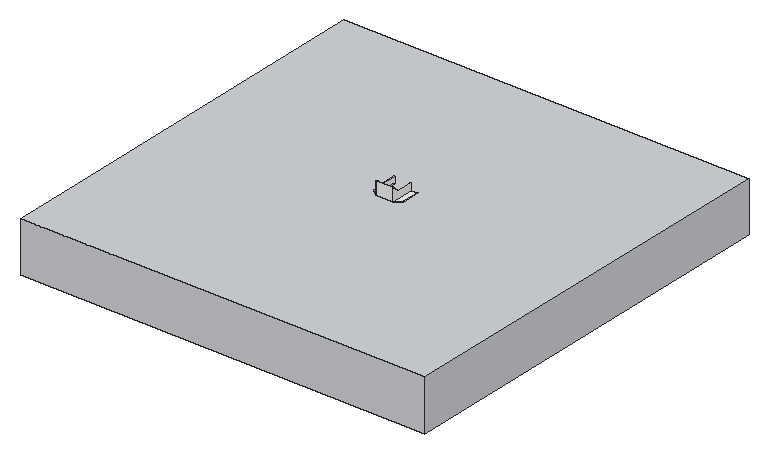
Revit family "JOMA_Balksko kombi_Grundform 380", category Structural Connections, host Face, Revit 2012
Parameters (values of type "5210140  100x140")
  Y = 101 mm
  X = 37 mm
  Vikt = "0,43"
  Typ = "GRUNDFORM 380"
  Spikmönster 2 [instance] = no
  Spikmönster 1 [instance] = no
  Spik/skruv i sekundär [instance] = "ANKARSPIK 4,0x40"
  Spik/skruv i primär [instance] = "ANKARSPIK 4,0x50"
  Material = Varmförzinkad stålplåt
  Länk Joma Dimensioneringsverktyg = "http://www.joma.se/dimensioneringsverktyg"
  Grundform 380 = yes
  F = 78 mm
  E = 42 mm
  Default Elevation = 1219.2 mm
  D = 40 mm
  Bultplacering 2 [instance] = no
  Bultplacering 1 [instance] = no
  Bult [instance] = "BULT M10"
  B = 140 mm
  Antal spik/skruv i sekundär [instance] = if(and(Spikmönster 1, Grundform 380), 6, if(and(Spikmönster 2, Grundform 380), 3, if(and(Bultplacering 1, Grundform 380), 6, if(and(Bultplacering 2, Grundform 380), 6, 0))))  # 0
  Antal spik/skruv i primär [instance] = if(and(Spikmönster 1, Grundform 380), 11, if(and(Spikmönster 2, Grundform 380), 6, if(and(Bultplacering 1, Grundform 380), 1, if(and(Bultplacering 2, Grundform 380), 2, 0))))  # 0
  A = 100 mm
  380 Spikmönster 2 [instance] = and(Grundform 380, Spikmönster 2, not(or(Spikmönster 1, Bultplacering 1, Bultplacering 2)))  # no
  380 Spikmönster 1 [instance] = and(Grundform 380, Spikmönster 1, not(or(Spikmönster 2, Bultplacering 1, Bultplacering 2)))  # no
  380 Bultplacering 2 [instance] = and(Grundform 380, Bultplacering 2, not(or(Spikmönster 1, Spikmönster 2, Bultplacering 1)))  # no
  380 Bultplacering 1 [instance] = and(Grundform 380, Bultplacering 1, not(or(Spikmönster 1, Spikmönster 2, Bultplacering 2)))  # no
Types (9, lengths in mm): name | X | B | A
  5245168  45x168 | 38 | 168 | 45
  5251164  51x164 | 38 | 164 | 51
  5270155  70x155 | 38 | 155 | 70
  5280150  80x150 | 38 | 150 | 80
  5290145  90x145 | 38 | 145 | 90
  5210140  100x140 | 37 | 140 | 100
  5260160  60x160 | 38 | 160 | 60
  5248166  48x166 | 38 | 166 | 48
  5276152  76x152 | 38 | 152 | 76
Reference planes
  plane 1 "Center (Front/Back)": y = 0
  plane 2: z = 0
  plane 3 "Center (Left/Right)": x = 0
  plane 4: x = -50
  plane 5: x = 50
  plane 6: y = -2
  plane 7: x = -52
  plane 8: x = 52
  plane 9: y = 138
  plane 10: z = 2
  plane 11: z = 80
  plane 12: y = 0
  plane 13: y = 37
  plane 14: x = 90
  plane 15: x = -90
  plane 16: z = 42
Forms (mm)
  Extrusion 1, solid
    sketch origin (0, 0, 0) x (1, 0, 0) y (0, 1, 0)
      loop
        line (-1219.2, 1219.2) -> (-1219.2, -1219.2) -> (1219.2, -1219.2) -> (1219.2, 1219.2) -> (-1219.2, 1219.2)
    from 0 to -304.8
  Extrusion 2, solid, material "Varmförzinkad stålplåt" <- "Material"
    sketch origin (0, 0, 0) x (1, 0, 0) y (0, 1, 0)
      loop
        line (-50, 138) -> (-52, 138) -> (-52, 0)
        arc (-52, 0) -> (-51.414, -1.414) -> (-50, -2) r 2
        line (-50, -2) -> (50.004, -2)
        arc (50.004, -2) -> (51.415, -1.415) -> (52, -0.004) r 1.996
        line (52, -0.004) -> (52, 138) -> (50, 138) -> (50, 0) -> (-50, 0) -> (-50, 138)
    from 2 to 80
  Extrusion 3, solid, material "Varmförzinkad stålplåt" <- "Material"
    sketch origin (0, 0, 0) x (1, 0, 0) y (0, 1, 0)
      loop
        line (50, 138) -> (50, 0) -> (90, 0) -> (90, 138) -> (50, 138)
    from 0 to 2
  Extrusion 4, void
    sketch origin (0, 0, 0) x (1, 0, 0) y (0, 1, 0)
      loop
        line (52, 0) -> (90, 0) -> (90, 37) -> (52, 0)
    from 0 to 2
  Extrusion 5, solid, material "Varmförzinkad stålplåt" <- "Material"
    sketch origin (0, 0, 0) x (-1, 0, 0) y (0, -1, 0)
      loop
        line (50, -138) -> (90, -138) -> (90, 0) -> (50, 0) -> (50, -138)
    from 0 to 2
  Extrusion 6, void
    sketch origin (0, 0, 0) x (1, 0, 0) y (0, 1, 0)
      loop
        line (-52, 0) -> (-90, 37) -> (-90, 0) -> (-52, 0)
    from 0 to 250
  Extrusion 7, void
    sketch origin (0, 0, 0) x (0, 1, 0) y (0, 0, 1)
      loop
        line (138, 80) -> (0, 80) -> (37, 42) -> (138, 42) -> (138, 80)
    from -52 to 52
  Extrusion 8, void
    sketch origin (0, 0, 0) x (1, 0, 0) y (0, 0, 1)
      loop
        arc (52, 0) -> (50.586, 0.586) -> (50, 2) r 2
        line (50, 2) -> (50, 0) -> (52, 0)
    from -138 to 0
  Extrusion 9, void
    sketch origin (0, 0, 0) x (1, 0, 0) y (0, 0, 1)
      loop
        arc (-50, 2) -> (-50.586, 0.586) -> (-52, 0) r 2
        line (-52, 0) -> (-50, 0) -> (-50, 2)
    from -138 to 0
Cuts and joins
  Extrusion 7 cuts Extrusion 2
  Extrusion 4, Extrusion 8 cuts Extrusion 3
  Extrusion 6, Extrusion 9 cuts Extrusion 5
  joined: Extrusion 2, Extrusion 3, Extrusion 5
Lines and regions (mm)
  symbolic lines, visible <- "Grundform 380"
    curve 1: circle (0, 130.5, 34) r 2.5 normal (1, 0, 0)
    curve 2: circle (0, 110.5, 34) r 2.5 normal (1, 0, 0)
    curve 3: circle (0, 90.5, 34) r 2.5 normal (1, 0, 0)
    curve 4: circle (0, 70.5, 34) r 2.5 normal (1, 0, 0)
    curve 5: circle (0, 50.5, 34) r 2.5 normal (1, 0, 0)
    curve 6: circle (0, 30.5, 34) r 2.5 normal (1, 0, 0)
    curve 13: circle (-62, 120.5, 0) r 2.5 normal (0, 0, 1)
    curve 14: circle (-82, 130.5, 0) r 2.5 normal (0, 0, 1)
    curve 15: circle (-62, 100.5, 0) r 2.5 normal (0, 0, 1)
    curve 16: circle (-82, 110.5, 0) r 2.5 normal (0, 0, 1)
    curve 17: circle (-62, 80.5, 0) r 2.5 normal (0, 0, 1)
    curve 18: circle (-82, 90.5, 0) r 2.5 normal (0, 0, 1)
    curve 19: circle (-62, 60.5, 0) r 2.5 normal (0, 0, 1)
    curve 20: circle (-82, 70.5, 0) r 2.5 normal (0, 0, 1)
    curve 21: circle (-62, 40.5, 0) r 2.5 normal (0, 0, 1)
    curve 22: circle (-82, 50.5, 0) r 2.5 normal (0, 0, 1)
    curve 23: circle (-62, 20.5, 0) r 2.5 normal (0, 0, 1)
    curve 24: circle (-70, 110.5, 0) r 5.5 normal (0, 0, 1)
    curve 25: circle (-70, 70.5, 0) r 5.5 normal (0, 0, 1)
    curve 26: circle (-70, 30.5, 0) r 5.5 normal (0, 0, 1)
    curve 41: circle (62, 120.5, 0) r 2.5 normal (0, 0, -1)
    curve 42: circle (82, 130.5, 0) r 2.5 normal (0, 0, -1)
    curve 43: circle (62, 100.5, 0) r 2.5 normal (0, 0, -1)
    curve 44: circle (82, 110.5, 0) r 2.5 normal (0, 0, -1)
    curve 45: circle (62, 80.5, 0) r 2.5 normal (0, 0, -1)
    curve 46: circle (82, 90.5, 0) r 2.5 normal (0, 0, -1)
    curve 47: circle (62, 60.5, 0) r 2.5 normal (0, 0, -1)
    curve 48: circle (82, 70.5, 0) r 2.5 normal (0, 0, -1)
    curve 49: circle (62, 40.5, 0) r 2.5 normal (0, 0, -1)
    curve 50: circle (82, 50.5, 0) r 2.5 normal (0, 0, -1)
    curve 51: circle (62, 20.5, 0) r 2.5 normal (0, 0, -1)
    curve 52: circle (70, 110.5, 0) r 5.5 normal (0, 0, -1)
    curve 53: circle (70, 70.5, 0) r 5.5 normal (0, 0, -1)
    curve 54: circle (70, 30.5, 0) r 5.5 normal (0, 0, -1)
  symbolic lines, visible <- "Grundform 380", not visible
    curve 7: circle (0, 158.5, 34) r 2.5 normal (1, 0, 0)
    curve 8: circle (0, 138.5, 34) r 2.5 normal (1, 0, 0)
    curve 9: circle (0, 118.5, 34) r 2.5 normal (1, 0, 0)
    curve 10: circle (0, 98.5, 34) r 2.5 normal (1, 0, 0)
    curve 11: circle (0, 78.5, 34) r 2.5 normal (1, 0, 0)
    curve 12: circle (0, 58.5, 34) r 2.5 normal (1, 0, 0)
    curve 27: circle (-34.5, 148.5, 0) r 2.5 normal (0, 0, 1)
    curve 28: circle (-54.5, 158.5, 0) r 2.5 normal (0, 0, 1)
    curve 29: circle (-34.5, 128.5, 0) r 2.5 normal (0, 0, 1)
    curve 30: circle (-54.5, 138.5, 0) r 2.5 normal (0, 0, 1)
    curve 31: circle (-34.5, 108.5, 0) r 2.5 normal (0, 0, 1)
    curve 32: circle (-54.5, 118.5, 0) r 2.5 normal (0, 0, 1)
    curve 33: circle (-34.5, 88.5, 0) r 2.5 normal (0, 0, 1)
    curve 34: circle (-54.5, 98.5, 0) r 2.5 normal (0, 0, 1)
    curve 35: circle (-34.5, 68.5, 0) r 2.5 normal (0, 0, 1)
    curve 36: circle (-54.5, 78.5, 0) r 2.5 normal (0, 0, 1)
    curve 37: circle (-34.5, 48.5, 0) r 2.5 normal (0, 0, 1)
    curve 38: circle (-42.5, 138.5, 0) r 5.5 normal (0, 0, 1)
    curve 39: circle (-42.5, 98.5, 0) r 5.5 normal (0, 0, 1)
    curve 40: circle (-42.5, 58.5, 0) r 5.5 normal (0, 0, 1)
    curve 55: circle (1189.5, 148.5, 0) r 2.5 normal (0, 0, -1)
    curve 56: circle (1209.5, 158.5, 0) r 2.5 normal (0, 0, -1)
    curve 57: circle (1189.5, 128.5, 0) r 2.5 normal (0, 0, -1)
    curve 58: circle (1209.5, 138.5, 0) r 2.5 normal (0, 0, -1)
    curve 59: circle (1189.5, 108.5, 0) r 2.5 normal (0, 0, -1)
    curve 60: circle (1209.5, 118.5, 0) r 2.5 normal (0, 0, -1)
    curve 61: circle (1189.5, 88.5, 0) r 2.5 normal (0, 0, -1)
    curve 62: circle (1209.5, 98.5, 0) r 2.5 normal (0, 0, -1)
    curve 63: circle (1189.5, 68.5, 0) r 2.5 normal (0, 0, -1)
    curve 64: circle (1209.5, 78.5, 0) r 2.5 normal (0, 0, -1)
    curve 65: circle (1189.5, 48.5, 0) r 2.5 normal (0, 0, -1)
    curve 66: circle (1197.5, 138.5, 0) r 5.5 normal (0, 0, -1)
    curve 67: circle (1197.5, 98.5, 0) r 5.5 normal (0, 0, -1)
    curve 68: circle (1197.5, 58.5, 0) r 5.5 normal (0, 0, -1)
Text (mm)
  text "Primärbalk" at (328.941, 539.253, 0), in view "Ref. Level"
  text "Sekundärbalk" at (0, -172.393, 341.357), in view "Left"
Dimensions and locks
  equal spacing: plane 4, plane 3 "Center (Left/Right)", plane 5
  "A": plane 4 to plane 5
  "B": plane 9 to plane 6
  plane 7 to plane 4 = 2 mm
  plane 5 to plane 8 = 2 mm
  plane 1 "Center (Front/Back)" to plane 6 = 2 mm
  plane 10 to Extrusion 1 = 2 mm
  "F": plane 11 to plane 10
  "Y": plane 9 to plane 13
  "X": plane 12 to plane 13
  "D": plane 5 to plane 14
  "D": plane 15 to plane 4
  "E": plane 16 to Extrusion 1
  locked: plane 9 to curve 1 at 7.5
  locked: plane 16 to curve 1 at 8
  locked: curve 42 to plane 14 at 8
  locked: plane 9 to curve 42 at 7.5
  locked: plane 9 to curve 14 at 7.5
  locked: plane 15 to curve 14 at 8
  aligned and locked: plane 2 to Extrusion 1
  aligned and locked: level to Extrusion 1
  aligned and locked: Extrusion 2 to plane 7
  aligned and locked: plane 9 to Extrusion 2  (x2)
  aligned and locked: plane 8 to Extrusion 2
  aligned and locked: Extrusion 2 to plane 5
  aligned and locked: Extrusion 2 to plane 6
  aligned and locked: Extrusion 2 to plane 1 "Center (Front/Back)"
  aligned and locked: plane 4 to Extrusion 2
  aligned and locked: plane 11 to Extrusion 2
  aligned and locked: Extrusion 2 to Extrusion 7
  aligned and locked: Extrusion 7 to Extrusion 2
  aligned and locked: Extrusion 8 to plane 5
  aligned and locked: Extrusion 8 to level
  aligned and locked: plane 9 to Extrusion 8
  aligned and locked: plane 12 to Extrusion 8
  aligned and locked: Extrusion 5 to Extrusion 6
  aligned and locked: plane 9 to Extrusion 5
  aligned and locked: plane 4 to Extrusion 5
  aligned and locked: plane 12 to Extrusion 5
  aligned and locked: plane 15 to Extrusion 6
  aligned and locked: plane 12 to Extrusion 6
  aligned and locked: plane 4 to Extrusion 9
  aligned and locked: Extrusion 9 to level
  aligned and locked: Extrusion 8 to plane 2
  aligned and locked: plane 9 to Extrusion 9
  aligned and locked: plane 12 to Extrusion 9
Automatic sketch dimensions
  Extrusion 1 sketch curve to Extrusion 1 sketch curve = 2438.4 mm  (x2)
  curve 6 to curve 5 = 20 mm
  curve 5 to curve 4 = 20 mm
  curve 4 to curve 3 = 20 mm
  curve 3 to curve 2 = 20 mm
  curve 2 to curve 1 = 20 mm
  curve 3 to curve 2 = 0 mm
  curve 4 to curve 3 = 0 mm
  curve 5 to curve 4 = 0 mm
  curve 6 to curve 5 = 0 mm
  curve 2 to curve 1 = 0 mm
  curve 12 to curve 11 = 20 mm
  curve 11 to curve 10 = 20 mm
  curve 10 to curve 9 = 20 mm
  curve 9 to curve 8 = 20 mm
  curve 8 to curve 7 = 20 mm
  curve 9 to curve 8 = 0 mm
  curve 10 to curve 9 = 0 mm
  curve 11 to curve 10 = 0 mm
  curve 12 to curve 11 = 0 mm
  curve 8 to curve 7 = 0 mm
  curve 22 to curve 14 = 0 mm
  curve 16 to curve 14 = 0 mm
  curve 18 to curve 16 = 0 mm
  curve 20 to curve 18 = 0 mm
  curve 16 to curve 24 = 12 mm
  curve 20 to curve 25 = 12 mm
  curve 22 to curve 26 = 12 mm
  curve 25 to curve 19 = 8 mm
  curve 26 to curve 23 = 8 mm
  curve 25 to curve 17 = 8 mm
  curve 24 to curve 15 = 8 mm
  curve 24 to curve 13 = 8 mm
  curve 26 to curve 21 = 8 mm
  curve 23 to curve 26 = 10 mm
  curve 26 to curve 21 = 10 mm
  curve 21 to curve 22 = 10 mm
  curve 21 to curve 19 = 20 mm
  curve 19 to curve 25 = 10 mm
  curve 20 to curve 25 = 0 mm
  curve 25 to curve 17 = 10 mm
  curve 20 to curve 18 = 20 mm
  curve 17 to curve 15 = 20 mm
  curve 18 to curve 16 = 20 mm
  curve 16 to curve 24 = 0 mm
  curve 24 to curve 13 = 10 mm
  curve 16 to curve 14 = 20 mm
  curve 36 to curve 28 = 0 mm
  curve 30 to curve 28 = 0 mm
  curve 32 to curve 30 = 0 mm
  curve 34 to curve 32 = 0 mm
  curve 30 to curve 38 = 12 mm
  curve 34 to curve 39 = 12 mm
  curve 36 to curve 40 = 12 mm
  curve 39 to curve 33 = 8 mm
  curve 40 to curve 37 = 8 mm
  curve 39 to curve 31 = 8 mm
  curve 38 to curve 29 = 8 mm
  curve 38 to curve 27 = 8 mm
  curve 40 to curve 35 = 8 mm
  curve 37 to curve 40 = 10 mm
  curve 40 to curve 35 = 10 mm
  curve 35 to curve 36 = 10 mm
  curve 35 to curve 33 = 20 mm
  curve 33 to curve 39 = 10 mm
  curve 34 to curve 39 = 0 mm
  curve 39 to curve 31 = 10 mm
  curve 34 to curve 32 = 20 mm
  curve 31 to curve 29 = 20 mm
  curve 32 to curve 30 = 20 mm
  curve 30 to curve 38 = 0 mm
  curve 38 to curve 27 = 10 mm
  curve 30 to curve 28 = 20 mm
  curve 50 to curve 42 = 80 mm
  curve 44 to curve 42 = 20 mm  (x2)
  curve 46 to curve 44 = 20 mm  (x2)
  curve 48 to curve 46 = 20 mm  (x2)
  curve 44 to curve 52 = 12 mm  (x2)
  curve 48 to curve 53 = 12 mm  (x2)
  curve 50 to curve 54 = 23.324 mm
  curve 53 to curve 47 = 12.806 mm
  curve 54 to curve 51 = 12.806 mm
  curve 53 to curve 45 = 12.806 mm  (x2)
  curve 52 to curve 43 = 12.806 mm
  curve 52 to curve 41 = 12.806 mm  (x2)
  curve 54 to curve 49 = 12.806 mm  (x2)
  curve 51 to curve 54 = 12.806 mm
  curve 49 to curve 50 = 22.361 mm
  curve 49 to curve 47 = 20 mm
  curve 47 to curve 53 = 12.806 mm
  curve 45 to curve 43 = 20 mm
  curve 64 to curve 56 = 80 mm
  curve 58 to curve 56 = 20 mm  (x2)
  curve 60 to curve 58 = 20 mm  (x2)
  curve 62 to curve 60 = 20 mm  (x2)
  curve 58 to curve 66 = 12 mm  (x2)
  curve 62 to curve 67 = 12 mm  (x2)
  curve 64 to curve 68 = 23.324 mm
  curve 67 to curve 61 = 12.806 mm
  curve 68 to curve 65 = 12.806 mm
  curve 67 to curve 59 = 12.806 mm  (x2)
  curve 66 to curve 57 = 12.806 mm
  curve 66 to curve 55 = 12.806 mm  (x2)
  curve 68 to curve 63 = 12.806 mm  (x2)
  curve 65 to curve 68 = 12.806 mm
  curve 63 to curve 64 = 22.361 mm
  curve 63 to curve 61 = 20 mm
  curve 61 to curve 67 = 12.806 mm
  curve 59 to curve 57 = 20 mm
  plane 1 "Center (Front/Back)" to Extrusion 2 sketch curve = 0 mm  (x2)
  Extrusion 2 sketch curve to plane 7 = 0 mm
  Extrusion 2 sketch curve to plane 4 = 0 mm  (x2)
  Extrusion 2 sketch curve to plane 5 = 0 mm
  Extrusion 2 sketch curve to plane 8 = 0 mm
  Extrusion 2 sketch curve to plane 9 = 0 mm  (x2)
  plane 5 to Extrusion 2 sketch curve = 0.004 mm
  Extrusion 3 sketch curve to plane 5 = 0 mm
  plane 12 to Extrusion 3 sketch curve = 0 mm
  Extrusion 3 sketch curve to plane 14 = 0 mm
  Extrusion 3 sketch curve to plane 9 = 0 mm
  Extrusion 4 sketch curve to plane 8 = 0 mm
  plane 12 to Extrusion 4 sketch curve = 0 mm
  Extrusion 4 sketch curve to plane 14 = 0 mm
  plane 13 to Extrusion 4 sketch curve = 0 mm
  Extrusion 5 sketch curve to plane 4 = 0 mm
  plane 12 to Extrusion 5 sketch curve = 0 mm
  Extrusion 5 sketch curve to plane 15 = 0 mm
  Extrusion 5 sketch curve to plane 9 = 0 mm
  plane 13 to Extrusion 6 sketch curve = 0 mm
  Extrusion 6 sketch curve to plane 15 = 0 mm
  Extrusion 6 sketch curve to plane 7 = 0 mm
  plane 12 to Extrusion 6 sketch curve = 0 mm
  Extrusion 7 sketch curve to plane 11 = 0 mm
  Extrusion 7 sketch curve to plane 12 = 0 mm
  Extrusion 7 sketch curve to plane 13 = 0 mm
  Extrusion 7 sketch curve to plane 9 = 0 mm
  Extrusion 7 sketch curve to plane 16 = 0 mm
  Extrusion 8 sketch curve to level = 0 mm
  Extrusion 8 sketch curve to plane 5 = 0 mm
  Extrusion 8 sketch curve to plane 8 = 0 mm
  Extrusion 9 sketch curve to plane 7 = 0 mm
  Extrusion 9 sketch curve to level = 0 mm
  Extrusion 9 sketch curve to plane 4 = 0 mm
  radius of curve 1 = 2.5 mm
  radius of curve 2 = 2.5 mm
  radius of curve 3 = 2.5 mm
  radius of curve 4 = 2.5 mm
  radius of curve 5 = 2.5 mm
  radius of curve 6 = 2.5 mm
  radius of curve 7 = 2.5 mm
  radius of curve 8 = 2.5 mm
  radius of curve 9 = 2.5 mm
  radius of curve 10 = 2.5 mm
  radius of curve 11 = 2.5 mm
  radius of curve 12 = 2.5 mm
  radius of curve 13 = 2.5 mm
  radius of curve 14 = 2.5 mm
  radius of curve 15 = 2.5 mm
  radius of curve 16 = 2.5 mm
  radius of curve 17 = 2.5 mm
  radius of curve 18 = 2.5 mm
  radius of curve 19 = 2.5 mm
  radius of curve 20 = 2.5 mm
  radius of curve 21 = 2.5 mm
  radius of curve 22 = 2.5 mm
  radius of curve 23 = 2.5 mm
  radius of curve 24 = 5.5 mm
  radius of curve 25 = 5.5 mm
  radius of curve 26 = 5.5 mm
  radius of curve 27 = 2.5 mm
  radius of curve 28 = 2.5 mm
  radius of curve 29 = 2.5 mm
  radius of curve 30 = 2.5 mm
  radius of curve 31 = 2.5 mm
  radius of curve 32 = 2.5 mm
  radius of curve 33 = 2.5 mm
  radius of curve 34 = 2.5 mm
  radius of curve 35 = 2.5 mm
  radius of curve 36 = 2.5 mm
  radius of curve 37 = 2.5 mm
  radius of curve 38 = 5.5 mm
  radius of curve 39 = 5.5 mm
  radius of curve 40 = 5.5 mm
  radius of curve 41 = 2.5 mm
  radius of curve 42 = 2.5 mm
  radius of curve 43 = 2.5 mm
  radius of curve 44 = 2.5 mm
  radius of curve 45 = 2.5 mm
  radius of curve 46 = 2.5 mm
  radius of curve 47 = 2.5 mm
  radius of curve 48 = 2.5 mm
  radius of curve 49 = 2.5 mm
  radius of curve 50 = 2.5 mm
  radius of curve 51 = 2.5 mm
  radius of curve 52 = 5.5 mm
  radius of curve 53 = 5.5 mm
  radius of curve 54 = 5.5 mm
  radius of curve 55 = 2.5 mm
  radius of curve 56 = 2.5 mm
  radius of curve 57 = 2.5 mm
  radius of curve 58 = 2.5 mm
  radius of curve 59 = 2.5 mm
  radius of curve 60 = 2.5 mm
  radius of curve 61 = 2.5 mm
  radius of curve 62 = 2.5 mm
  radius of curve 63 = 2.5 mm
  radius of curve 64 = 2.5 mm
  radius of curve 65 = 2.5 mm
  radius of curve 66 = 5.5 mm
  radius of curve 67 = 5.5 mm
  radius of curve 68 = 5.5 mm
Nested families
  nested 1: "Spikmönster" at (0, 130.5, 34) x (0, -1, 0) z (1, 0, 0), visible <- "380 Spikmönster 1", type "Ø5"
  nested 2: "Spikmönster" at (0, 110.5, 34) x (0, -1, 0) z (1, 0, 0), visible <- "380 Spikmönster 1", type "Ø5"
  nested 3: "Spikmönster" at (0, 90.5, 34) x (0, -1, 0) z (1, 0, 0), visible <- "380 Spikmönster 1", type "Ø5"
  nested 4: "Spikmönster" at (0, 70.5, 34) x (0, -1, 0) z (1, 0, 0), visible <- "380 Spikmönster 1", type "Ø5"
  nested 5: "Spikmönster" at (0, 50.5, 34) x (0, -1, 0) z (1, 0, 0), visible <- "380 Spikmönster 1", type "Ø5"
  nested 6: "Spikmönster" at (0, 30.5, 34) x (0, -1, 0) z (1, 0, 0), visible <- "380 Spikmönster 1", type "Ø5"
  nested 7: "Spikmönster" at (0, 130.5, 34) x (0, -1, 0) z (1, 0, 0), visible <- "380 Spikmönster 2", type "Ø5"
  nested 8: "Spikmönster" at (0, 90.5, 34) x (0, -1, 0) z (1, 0, 0), visible <- "380 Spikmönster 2", type "Ø5"
  nested 9: "Spikmönster" at (0, 50.5, 34) x (0, -1, 0) z (1, 0, 0), visible <- "380 Spikmönster 2", type "Ø5"
  nested 10: "Spikmönster" at (0, 130.5, 34) x (0, -1, 0) z (1, 0, 0), visible <- "380 Bultplacering 1", type "Ø5"
  nested 11: "Spikmönster" at (0, 110.5, 34) x (0, -1, 0) z (1, 0, 0), visible <- "380 Bultplacering 1", type "Ø5"
  nested 12: "Spikmönster" at (0, 90.5, 34) x (0, -1, 0) z (1, 0, 0), visible <- "380 Bultplacering 1", type "Ø5"
  nested 13: "Spikmönster" at (0, 70.5, 34) x (0, -1, 0) z (1, 0, 0), visible <- "380 Bultplacering 1", type "Ø5"
  nested 14: "Spikmönster" at (0, 50.5, 34) x (0, -1, 0) z (1, 0, 0), visible <- "380 Bultplacering 1", type "Ø5"
  nested 15: "Spikmönster" at (0, 30.5, 34) x (0, -1, 0) z (1, 0, 0), visible <- "380 Bultplacering 1", type "Ø5"
  nested 16: "Spikmönster" at (0, 130.5, 34) x (0, -1, 0) z (1, 0, 0), visible <- "380 Bultplacering 2", type "Ø5"
  nested 17: "Spikmönster" at (0, 110.5, 34) x (0, -1, 0) z (1, 0, 0), visible <- "380 Bultplacering 2", type "Ø5"
  nested 18: "Spikmönster" at (0, 90.5, 34) x (0, -1, 0) z (1, 0, 0), visible <- "380 Bultplacering 2", type "Ø5"
  nested 19: "Spikmönster" at (0, 70.5, 34) x (0, -1, 0) z (1, 0, 0), visible <- "380 Bultplacering 2", type "Ø5"
  nested 20: "Spikmönster" at (0, 50.5, 34) x (0, -1, 0) z (1, 0, 0), visible <- "380 Bultplacering 2", type "Ø5"
  nested 21: "Spikmönster" at (0, 30.5, 34) x (0, -1, 0) z (1, 0, 0), visible <- "380 Bultplacering 2", type "Ø5"
  nested 22: "Spikmönster" at (0, 158.5, 34) x (0, -1, 0) z (1, 0, 0), visible <- "380 Spikmönster 1", type "Ø5", not visible
  nested 23: "Spikmönster" at (0, 138.5, 34) x (0, -1, 0) z (1, 0, 0), visible <- "380 Spikmönster 1", type "Ø5", not visible
  nested 24: "Spikmönster" at (0, 118.5, 34) x (0, -1, 0) z (1, 0, 0), visible <- "380 Spikmönster 1", type "Ø5", not visible
  nested 25: "Spikmönster" at (0, 98.5, 34) x (0, -1, 0) z (1, 0, 0), visible <- "380 Spikmönster 1", type "Ø5", not visible
  nested 26: "Spikmönster" at (0, 78.5, 34) x (0, -1, 0) z (1, 0, 0), visible <- "380 Spikmönster 1", type "Ø5", not visible
  nested 27: "Spikmönster" at (0, 58.5, 34) x (0, -1, 0) z (1, 0, 0), visible <- "380 Spikmönster 1", type "Ø5", not visible
  nested 28: "Spikmönster" at (0, 158.5, 34) x (0, -1, 0) z (1, 0, 0), visible <- "380 Spikmönster 2", type "Ø5", not visible
  nested 29: "Spikmönster" at (0, 118.5, 34) x (0, -1, 0) z (1, 0, 0), visible <- "380 Spikmönster 2", type "Ø5", not visible
  nested 30: "Spikmönster" at (0, 78.5, 34) x (0, -1, 0) z (1, 0, 0), visible <- "380 Spikmönster 2", type "Ø5", not visible
  nested 31: "Spikmönster" at (0, 158.5, 34) x (0, -1, 0) z (1, 0, 0), visible <- "380 Bultplacering 1", type "Ø5", not visible
  nested 32: "Spikmönster" at (0, 138.5, 34) x (0, -1, 0) z (1, 0, 0), visible <- "380 Bultplacering 1", type "Ø5", not visible
  nested 33: "Spikmönster" at (0, 118.5, 34) x (0, -1, 0) z (1, 0, 0), visible <- "380 Bultplacering 1", type "Ø5", not visible
  nested 34: "Spikmönster" at (0, 98.5, 34) x (0, -1, 0) z (1, 0, 0), visible <- "380 Bultplacering 1", type "Ø5", not visible
  nested 35: "Spikmönster" at (0, 78.5, 34) x (0, -1, 0) z (1, 0, 0), visible <- "380 Bultplacering 1", type "Ø5", not visible
  nested 36: "Spikmönster" at (0, 58.5, 34) x (0, -1, 0) z (1, 0, 0), visible <- "380 Bultplacering 1", type "Ø5", not visible
  nested 37: "Spikmönster" at (0, 158.5, 34) x (0, -1, 0) z (1, 0, 0), visible <- "380 Bultplacering 2", type "Ø5", not visible
  nested 38: "Spikmönster" at (0, 138.5, 34) x (0, -1, 0) z (1, 0, 0), visible <- "380 Bultplacering 2", type "Ø5", not visible
  nested 39: "Spikmönster" at (0, 118.5, 34) x (0, -1, 0) z (1, 0, 0), visible <- "380 Bultplacering 2", type "Ø5", not visible
  nested 40: "Spikmönster" at (0, 98.5, 34) x (0, -1, 0) z (1, 0, 0), visible <- "380 Bultplacering 2", type "Ø5", not visible
  nested 41: "Spikmönster" at (0, 78.5, 34) x (0, -1, 0) z (1, 0, 0), visible <- "380 Bultplacering 2", type "Ø5", not visible
  nested 42: "Spikmönster" at (0, 58.5, 34) x (0, -1, 0) z (1, 0, 0), visible <- "380 Bultplacering 2", type "Ø5", not visible
  nested 43: "Spikmönster" at (-82, 130.5, 0), visible <- "380 Spikmönster 1", type "Ø5"
  nested 44: "Spikmönster" at (-82, 110.5, 0), visible <- "380 Spikmönster 1", type "Ø5"
  nested 45: "Spikmönster" at (-82, 90.5, 0), visible <- "380 Spikmönster 1", type "Ø5"
  nested 46: "Spikmönster" at (-82, 70.5, 0), visible <- "380 Spikmönster 1", type "Ø5"
  nested 47: "Spikmönster" at (-82, 50.5, 0), visible <- "380 Spikmönster 1", type "Ø5"
  nested 48: "Spikmönster" at (-62, 120.5, 0), visible <- "380 Spikmönster 1", type "Ø5"
  nested 49: "Spikmönster" at (-62, 100.5, 0), visible <- "380 Spikmönster 1", type "Ø5"
  nested 50: "Spikmönster" at (-62, 80.5, 0), visible <- "380 Spikmönster 1", type "Ø5"
  nested 51: "Spikmönster" at (-62, 60.5, 0), visible <- "380 Spikmönster 1", type "Ø5"
  nested 52: "Spikmönster" at (-62, 40.5, 0), visible <- "380 Spikmönster 1", type "Ø5"
  nested 53: "Spikmönster" at (-62, 20.5, 0), visible <- "380 Spikmönster 1", type "Ø5"
  nested 54: "Spikmönster" at (-62, 120.5, 0), visible <- "380 Spikmönster 2", type "Ø5"
  nested 55: "Spikmönster" at (-62, 100.5, 0), visible <- "380 Spikmönster 2", type "Ø5"
  nested 56: "Spikmönster" at (-62, 80.5, 0), visible <- "380 Spikmönster 2", type "Ø5"
  nested 57: "Spikmönster" at (-62, 60.5, 0), visible <- "380 Spikmönster 2", type "Ø5"
  nested 58: "Spikmönster" at (-62, 40.5, 0), visible <- "380 Spikmönster 2", type "Ø5"
  nested 59: "Spikmönster" at (-62, 20.5, 0), visible <- "380 Spikmönster 2", type "Ø5"
  nested 60: "Spikmönster" at (-70, 110.5, 0), visible <- "380 Bultplacering 1", type "Ø11"
  nested 61: "Spikmönster" at (-70, 110.5, 0), visible <- "380 Bultplacering 2", type "Ø11"
  nested 62: "Spikmönster" at (-70, 30.5, 0), visible <- "380 Bultplacering 2", type "Ø11"
  nested 63: "Spikmönster" at (-54.5, 158.5, 0), visible <- "380 Spikmönster 1", type "Ø5", not visible
  nested 64: "Spikmönster" at (-54.5, 138.5, 0), visible <- "380 Spikmönster 1", type "Ø5", not visible
  nested 65: "Spikmönster" at (-54.5, 118.5, 0), visible <- "380 Spikmönster 1", type "Ø5", not visible
  nested 66: "Spikmönster" at (-54.5, 98.5, 0), visible <- "380 Spikmönster 1", type "Ø5", not visible
  nested 67: "Spikmönster" at (-54.5, 78.5, 0), visible <- "380 Spikmönster 1", type "Ø5", not visible
  nested 68: "Spikmönster" at (-34.5, 148.5, 0), visible <- "380 Spikmönster 1", type "Ø5", not visible
  nested 69: "Spikmönster" at (-34.5, 128.5, 0), visible <- "380 Spikmönster 1", type "Ø5", not visible
  nested 70: "Spikmönster" at (-34.5, 108.5, 0), visible <- "380 Spikmönster 1", type "Ø5", not visible
  nested 71: "Spikmönster" at (-34.5, 88.5, 0), visible <- "380 Spikmönster 1", type "Ø5", not visible
  nested 72: "Spikmönster" at (-34.5, 68.5, 0), visible <- "380 Spikmönster 1", type "Ø5", not visible
  nested 73: "Spikmönster" at (-34.5, 48.5, 0), visible <- "380 Spikmönster 1", type "Ø5", not visible
  nested 74: "Spikmönster" at (-34.5, 148.5, 0), visible <- "380 Spikmönster 2", type "Ø5", not visible
  nested 75: "Spikmönster" at (-34.5, 128.5, 0), visible <- "380 Spikmönster 2", type "Ø5", not visible
  nested 76: "Spikmönster" at (-34.5, 108.5, 0), visible <- "380 Spikmönster 2", type "Ø5", not visible
  nested 77: "Spikmönster" at (-34.5, 88.5, 0), visible <- "380 Spikmönster 2", type "Ø5", not visible
  nested 78: "Spikmönster" at (-34.5, 68.5, 0), visible <- "380 Spikmönster 2", type "Ø5", not visible
  nested 79: "Spikmönster" at (-34.5, 48.5, 0), visible <- "380 Spikmönster 2", type "Ø5", not visible
  nested 80: "Spikmönster" at (-42.5, 138.5, 0), visible <- "380 Bultplacering 1", type "Ø11", not visible
  nested 81: "Spikmönster" at (-42.5, 138.5, 0), visible <- "380 Bultplacering 2", type "Ø11", not visible
  nested 82: "Spikmönster" at (-42.5, 58.5, 0), visible <- "380 Bultplacering 2", type "Ø11", not visible
  nested 83: "Spikmönster" at (82, 130.5, 0), visible <- "380 Spikmönster 1", type "Ø5"
  nested 84: "Spikmönster" at (82, 110.5, 0), visible <- "380 Spikmönster 1", type "Ø5"
  nested 85: "Spikmönster" at (82, 90.5, 0), visible <- "380 Spikmönster 1", type "Ø5"
  nested 86: "Spikmönster" at (82, 70.5, 0), visible <- "380 Spikmönster 1", type "Ø5"
  nested 87: "Spikmönster" at (82, 50.5, 0), visible <- "380 Spikmönster 1", type "Ø5"
  nested 88: "Spikmönster" at (62, 120.5, 0), visible <- "380 Spikmönster 1", type "Ø5"
  nested 89: "Spikmönster" at (62, 100.5, 0), visible <- "380 Spikmönster 1", type "Ø5"
  nested 90: "Spikmönster" at (62, 80.5, 0), visible <- "380 Spikmönster 1", type "Ø5"
  nested 91: "Spikmönster" at (62, 60.5, 0), visible <- "380 Spikmönster 1", type "Ø5"
  nested 92: "Spikmönster" at (62, 40.5, 0), visible <- "380 Spikmönster 1", type "Ø5"
  nested 93: "Spikmönster" at (62, 20.5, 0), visible <- "380 Spikmönster 1", type "Ø5"
  nested 94: "Spikmönster" at (62, 120.5, 0), visible <- "380 Spikmönster 2", type "Ø5"
  nested 95: "Spikmönster" at (62, 100.5, 0), visible <- "380 Spikmönster 2", type "Ø5"
  nested 96: "Spikmönster" at (62, 80.5, 0), visible <- "380 Spikmönster 2", type "Ø5"
  nested 97: "Spikmönster" at (62, 60.5, 0), visible <- "380 Spikmönster 2", type "Ø5"
  nested 98: "Spikmönster" at (62, 40.5, 0), visible <- "380 Spikmönster 2", type "Ø5"
  nested 99: "Spikmönster" at (62, 20.5, 0), visible <- "380 Spikmönster 2", type "Ø5"
  nested 100: "Spikmönster" at (70, 110.5, 0), visible <- "380 Bultplacering 1", type "Ø11"
  nested 101: "Spikmönster" at (70, 110.5, 0), visible <- "380 Bultplacering 2", type "Ø11"
  nested 102: "Spikmönster" at (70, 30.5, 0), visible <- "380 Bultplacering 2", type "Ø11"
  nested 103: "Spikmönster" at (1209.5, 158.5, 0), visible <- "380 Spikmönster 1", type "Ø5", not visible
  nested 104: "Spikmönster" at (1209.5, 138.5, 0), visible <- "380 Spikmönster 1", type "Ø5", not visible
  nested 105: "Spikmönster" at (1209.5, 118.5, 0), visible <- "380 Spikmönster 1", type "Ø5", not visible
  nested 106: "Spikmönster" at (1209.5, 98.5, 0), visible <- "380 Spikmönster 1", type "Ø5", not visible
  nested 107: "Spikmönster" at (1209.5, 78.5, 0), visible <- "380 Spikmönster 1", type "Ø5", not visible
  nested 108: "Spikmönster" at (1189.5, 148.5, 0), visible <- "380 Spikmönster 1", type "Ø5", not visible
  nested 109: "Spikmönster" at (1189.5, 128.5, 0), visible <- "380 Spikmönster 1", type "Ø5", not visible
  nested 110: "Spikmönster" at (1189.5, 108.5, 0), visible <- "380 Spikmönster 1", type "Ø5", not visible
  nested 111: "Spikmönster" at (1189.5, 88.5, 0), visible <- "380 Spikmönster 1", type "Ø5", not visible
  nested 112: "Spikmönster" at (1189.5, 68.5, 0), visible <- "380 Spikmönster 1", type "Ø5", not visible
  nested 113: "Spikmönster" at (1189.5, 48.5, 0), visible <- "380 Spikmönster 1", type "Ø5", not visible
  nested 114: "Spikmönster" at (1189.5, 148.5, 0), visible <- "380 Spikmönster 2", type "Ø5", not visible
  nested 115: "Spikmönster" at (1189.5, 128.5, 0), visible <- "380 Spikmönster 2", type "Ø5", not visible
  nested 116: "Spikmönster" at (1189.5, 108.5, 0), visible <- "380 Spikmönster 2", type "Ø5", not visible
  nested 117: "Spikmönster" at (1189.5, 88.5, 0), visible <- "380 Spikmönster 2", type "Ø5", not visible
  nested 118: "Spikmönster" at (1189.5, 68.5, 0), visible <- "380 Spikmönster 2", type "Ø5", not visible
  nested 119: "Spikmönster" at (1189.5, 48.5, 0), visible <- "380 Spikmönster 2", type "Ø5", not visible
  nested 120: "Spikmönster" at (1197.5, 138.5, 0), visible <- "380 Bultplacering 1", type "Ø11", not visible
  nested 121: "Spikmönster" at (1197.5, 138.5, 0), visible <- "380 Bultplacering 2", type "Ø11", not visible
  nested 122: "Spikmönster" at (1197.5, 58.5, 0), visible <- "380 Bultplacering 2", type "Ø11", not visible
Definition of nested family "Spikmönster"
  Parameters (values of type "Ø11")
    Radie = 5.5 mm
  Types (3, lengths in mm): name | Radie
    (no name) | 5.5
    Ø5 | 2.5
    Ø11 | 5.5
  Reference planes
    plane 1 "Center (Front/Back)": y = 0
    plane 2: z = 0
    plane 3 "Center (Left/Right)": x = 0
  Lines and regions (mm)
    Filled region 1, type "Solid Fill - Black", in view "Ref. Level"
      outline origin (0, 0, 0) x (1, 0, 0) y (0, 1, 0)
        loop
          circle (0, 0) r 5.5
  Dimensions and locks
    "Radie": radius of Filled region 1 sketch curve
  Automatic sketch dimensions
    plane 1 "Center (Front/Back)" to Filled region 1 sketch curve = 0 mm
    Filled region 1 sketch curve to plane 3 "Center (Left/Right)" = 0 mm
